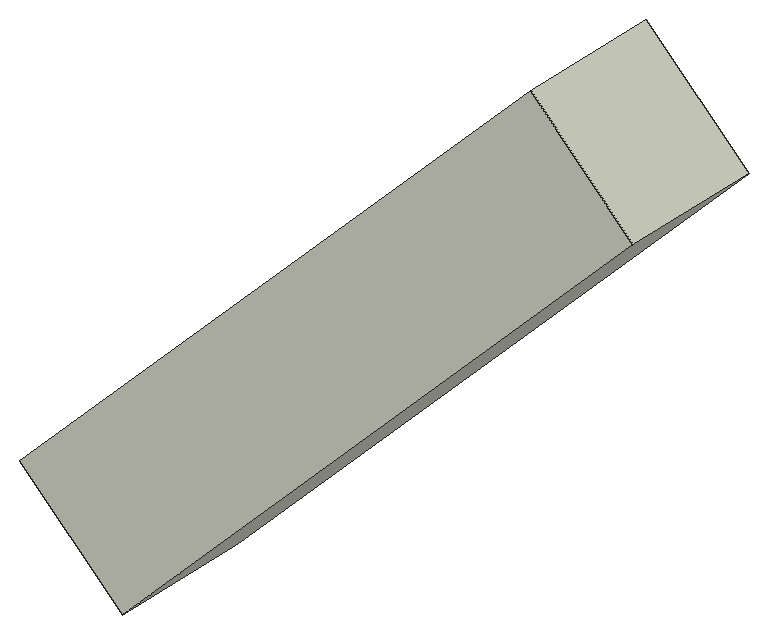
Revit family "グレーチング_角形鋼管(正方形)", category Generic Models, Revit 2020
Family settings
  Can host rebar = No
  Round Connector Dimension = Use Diameter
  Part Type = Normal
  Work Plane-Based = Yes
  Always vertical = No
  Cut with Voids When Loaded = No
  Shared = No
  Room Calculation Point = No
Parameters (values of type "100 x 100")
  高さ = 100 mm
  長辺 [instance] = 長さ  # 500 mm
  長さ [instance] = 500 mm
  部屋名 = ""
  角度 [instance] = 45.00°
  Default Elevation = 1219.2 mm
  構造マテリアル = E614_グレーチング
  幅 = 100 mm
Types (14, lengths in mm): name | 高さ | 幅
  100 x 100 | 100 | 100
  125 x 125 | 125 | 125
  150 x 150 | 150 | 150
  175 x 175 | 175 | 175
  200 x 200 | 200 | 200
  250 x 250 | 250 | 250
  300 x 300 | 300 | 300
  350 x 350 | 350 | 350
  40 x 40 | 40 | 40
  50 x 50 | 50 | 50
  60 x 60 | 60 | 60
  75 x 75 | 75 | 75
  80 x 80 | 80 | 80
  90 x 90 | 90 | 90
Reference planes
  plane 1 "中心(正面/背面)": y = 0
  plane 2: z = 0
  plane 3 "中心(左/右)": x = 0
Lines and regions (mm)
  reference lines
    curve 1: line (0, 0, 0) -> (806.102, 0, 806.102)
    curve 2: line (35.355, 0, -35.355) -> (-35.355, 0, 35.355)
    curve 3: line (388.909, 0, 318.198) -> (318.198, 0, 388.909)
Dimensions and locks
  equal spacing: curve 2, curve 1, curve 2
  "高さ": curve 2 to curve 2
  equal spacing: curve 3, curve 1, curve 3
  "高さ": curve 3 to curve 3
  "長さ": curve 2 to curve 3
  "角度": angle level to curve 1
  angle curve 2 to curve 1 = 90.00°
  angle curve 3 to curve 1 = 90.00°
  aligned and locked: level to plane 2
  aligned and locked: level to curve 1
  aligned and locked: plane 3 "中心(左/右)" to curve 1
  aligned and locked: curve 1 to nested 1
Nested families
  nested 1: "グレーチング_角形鋼管(正方形)" at (-35.355, 0, 35.355) x (0, 1, 0) z (0.7071, 0, -0.7071), 長さ <- "長さ", type "350 x 350"
    with 長辺 500 mm, 長さ 500 mm, 高さ 100 mm, 幅 100 mm
Definition of nested family "グレーチング_角形鋼管(正方形)"
  Parameters (values of type "350 x 350")
    高さ = 350 mm
    長辺 [instance] = 長さ  # 1000 mm
    長さ [instance] = 1000 mm
    部屋名 = ""
    Default Elevation = 1219.2 mm
    構造マテリアル = none
    幅 = 350 mm
  Reference planes
    plane 1 "中心(正面/背面)": y = 0
    plane 2: z = 0
    plane 3 "中心(左/右)": x = 0
    plane 4: z = 175
    plane 5: z = 350
  Forms (mm)
    Extrusion 1, solid, material <- "構造マテリアル"
      sketch origin (0, 0, 0) x (1, 0, 0) y (0, 1, 0)
        loop
          line (-175, 1000) -> (-175, 0) -> (175, 0) -> (175, 1000) -> (-175, 1000)
      from 0 to 350
  Lines and regions (mm)
    reference lines
      curve 1: line (175, 1000, 0) -> (-175, 1000, 0)
      curve 2: line (175, 0, 0) -> (-175, 0, 0)
  Dimensions and locks
    "長さ": curve 1 to curve 2
    "幅": Extrusion 1 to Extrusion 1
    equal spacing: Extrusion 1, plane 3 "中心(左/右)", Extrusion 1
    "幅": curve 1 to curve 1
    equal spacing: curve 1, plane 3 "中心(左/右)", curve 1
    "幅": curve 2 to curve 2
    equal spacing: curve 2, plane 3 "中心(左/右)", curve 2
    equal spacing: plane 5, plane 4, level
    "高さ": plane 5 to level
    aligned and locked: level to plane 2
    aligned and locked: Extrusion 1 to curve 2
    aligned and locked: curve 1 to Extrusion 1
    aligned and locked: plane 5 to Extrusion 1
  Automatic sketch dimensions
    Extrusion 1 sketch curve to plane 3 "中心(左/右)" = 175 mm
    plane 3 "中心(左/右)" to Extrusion 1 sketch curve = 175 mm
    plane 1 "中心(正面/背面)" to Extrusion 1 sketch curve = 0 mm
    Extrusion 1 sketch curve to plane 1 "中心(正面/背面)" = 1000 mm
    plane 1 "中心(正面/背面)" to curve 2 = 0 mm
